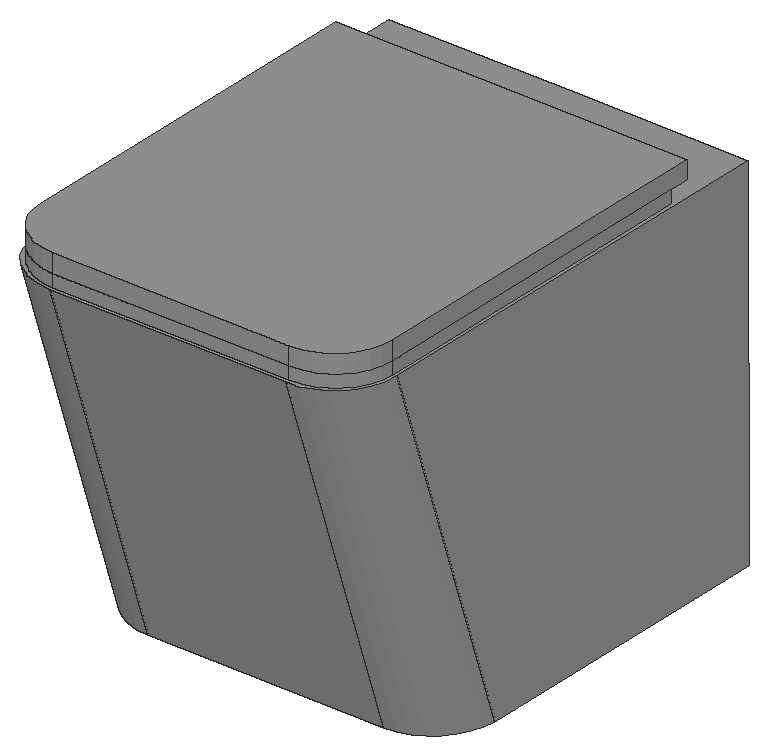
Revit family "WC AURORA SUSPENDIDO CON ASIENTO  FIJACION", category Plumbing Fixtures, Revit 2019
Family settings
  Round Connector Dimension = Use Diameter
  Part Type = Normal
  OmniClass Number = 23.45.00.00
  OmniClass Title = Sanitary, Laundry, and Cleaning Equipment
  Work Plane-Based = No
  Always vertical = Yes
  Cut with Voids When Loaded = No
  Shared = No
  Room Calculation Point = No
Reference planes
  plane 1 "Center (Front/Back)": y = 0
  plane 2: z = 0
  plane 3 "Center (Left/Right)": x = 0
Forms (mm)
  Blend 1, solid
    base sketch origin (0, 0, 0) x (1, 0, 0) y (0, 1, 0)
      loop
        line (0, 490) -> (-175.5, 490) -> (-175.5, 180)
        arc (-175.5, 180) -> (-157.926, 137.574) -> (-115.5, 120) r 60
        line (-115.5, 120) -> (115.7, 120)
        arc (115.7, 120) -> (158.126, 137.574) -> (175.7, 180) r 60
        line (175.7, 180) -> (175.7, 490) -> (0, 490)
    top sketch origin (0, 0, 0) x (1, 0, 0) y (0, 1, 0)
      loop
        line (0, 490) -> (-175.5, 490) -> (-175.5, 60)
        arc (-175.5, 60) -> (-157.926, 17.574) -> (-115.5, 0) r 60
        line (-115.5, 0) -> (115.7, 0)
        arc (115.7, 0) -> (158.126, 17.574) -> (175.7, 60) r 60
        line (175.7, 60) -> (175.7, 490) -> (0, 490)
    from 0 to 355
  Extrusion 2, solid
    sketch origin (0, 0, 0) x (1, 0, 0) y (0, 1, 0)
      loop
        line (-171.5, 400) -> (-171.5, 60)
        arc (-171.5, 60) -> (-155.098, 20.402) -> (-115.5, 4) r 56
        line (-115.5, 4) -> (115.7, 4)
        arc (115.7, 4) -> (155.298, 20.402) -> (171.7, 60) r 56
        line (171.7, 60) -> (171.7, 400) -> (-171.5, 400)
    from 355 to 367.363
  Extrusion 3, solid
    sketch origin (0, 0, 0) x (1, 0, 0) y (0, 1, 0)
      loop
        line (171.7, 420) -> (-171.5, 420) -> (-171.5, 60)
        arc (-171.5, 60) -> (-155.098, 20.402) -> (-115.5, 4) r 56
        line (-115.5, 4) -> (115.7, 4)
        arc (115.7, 4) -> (155.298, 20.402) -> (171.7, 60) r 56
        line (171.7, 60) -> (171.7, 420)
    from 367.363 to 385.225
Dimensions and locks
  aligned and locked: level to plane 2
